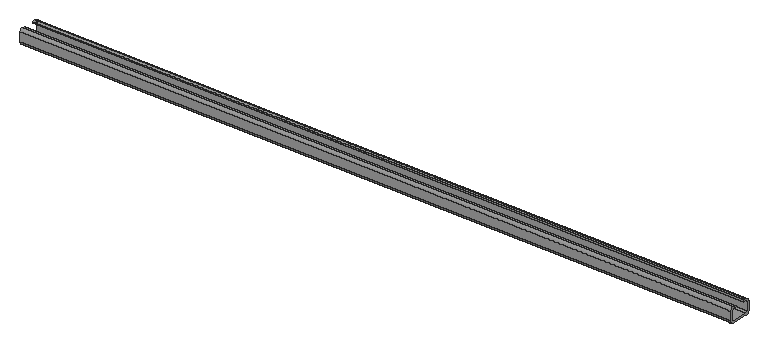
Revit family "HVAC_HangingSystems_Walraven_BIS_RapidRail_Fixing_Rail_WM15", category Mechanical Equipment, Revit 2016
Family settings
  Part Type = Normal
  Round Connector Dimension = Use Diameter
  OmniClass Number = 23.60.30.11.17
  OmniClass Title = Pipework/Ductwork Mechanical Fasteners/Supports
  Work Plane-Based = No
  Cut with Voids When Loaded = No
  Shared = No
  Room Calculation Point = No
Parameters (values of type "std")
  type_index = 1  # constant formula
  s [instance] = "1.75"  # constant formula
  region_index = 1  # constant formula
  profile_rotate [instance] = no
  profile_offset [instance] = no
  profile_flipped [instance] = no
  profile_centered [instance] = no
  profile1_H_offet [instance] = if(and(profile_flipped, profile_offset, profile_rotate), -H, if(and(profile_offset, profile_rotate), H, if(profile_offset, if(invert_profile_offset, -1 * (B / 2), B / 2), 0 mm)))  # 0 mm
  profile1_angle [instance] = if(profile_flipped, if(profile_rotate, 90.00°, 0.00°) + 180.00°, if(profile_rotate, 90.00°, 0.00°))  # 0.00°
  profile1_Z_offset [instance] = if(and(profile_rotate, profile_centered), 0 mm, if(profile_rotate, B / 2, if(and(profile_flipped, profile_centered), H / 2, if(and(profile_centered), -H / 2, if(profile_flipped, H, 0 mm)))))  # 0 mm
  product_index [instance] = size_lookup(lookup_table_name, "pi", 0, type_index, length_index)  # 8
  lookup_table_name [instance] = "BIS RapidRail Fixing Rail WM15"  # constant formula
  length_index [instance] = if(if(or([built-in parameter 1001306] = size_lookup(lookup_table_name, "L", 0 mm, type_index, 2), [built-in parameter 1001306] < size_lookup(lookup_table_name, "L", 0 mm, type_index, 2)), 2, if(or([built-in parameter 1001306] = size_lookup(lookup_table_name, "L", 0 mm, type_index, 3), [built-in parameter 1001306] < size_lookup(lookup_table_name, "L", 0 mm, type_index, 3)), 3, if(or([built-in parameter 1001306] = size_lookup(lookup_table_name, "L", 0 mm, type_index, 6), [built-in parameter 1001306] < size_lookup(lookup_table_name, "L", 0 mm, type_index, 6)), 6, 0))) = 0, 6, if(or([built-in parameter 1001306] = size_lookup(lookup_table_name, "L", 0 mm, type_index, 2), [built-in parameter 1001306] < size_lookup(lookup_table_name, "L", 0 mm, type_index, 2)), 2, if(or([built-in parameter 1001306] = size_lookup(lookup_table_name, "L", 0 mm, type_index, 3), [built-in parameter 1001306] < size_lookup(lookup_table_name, "L", 0 mm, type_index, 3)), 3, if(or([built-in parameter 1001306] = size_lookup(lookup_table_name, "L", 0 mm, type_index, 6), [built-in parameter 1001306] < size_lookup(lookup_table_name, "L", 0 mm, type_index, 6)), 6, 0))))  # 2
  invert_profile_offset [instance] = no
  desc_uk [instance] = if(product_index = 10, "BIS RapidRail Fixing Rail WM15 (30x20mm) 6m", if(product_index = 9, "BIS RapidRail Fixing Rail WM15 (30x20mm) 3m", if(product_index = 8, "BIS RapidRail Fixing Rail WM15 (30x20mm) 2m", "0")))  # "BIS RapidRail Fixing Rail WM15 (30x20mm) 2m"
  desc_nl [instance] = if(product_index = 10, "BIS RapidRail Montagerail WM15 (30x20mm) 6m", if(product_index = 9, "BIS RapidRail Montagerail WM15 (30x20mm) 3m", if(product_index = 8, "BIS RapidRail Montagerail WM15 (30x20mm) 2m", "0")))  # "BIS RapidRail Montagerail WM15 (30x20mm) 2m"
  Youtube clip = ""
  Weight Net (Kg) = "0"
  Uniformat II Description = ""
  Uniformat II Code = ""
  Uniclass 2015 Name = ""
  Uniclass 2015 Code = ""
  Uniclass 2.0 Description = ""
  Uniclass 2.0 Code = ""
  Uniclass 1.4 Description = ""
  Uniclass 1.4 Code = ""
  URL = "https://www.walraven.com/en/?pid=885"
  UNSPSC Code = ""
  Type Comments = ""
  Technical description = "https://library.walraven.com/repository/rnd/documents/EN-UK/BIS%20RapidRail%C2%AE%20Fixing%20Rail%20-%20G%2004%2005%20(EN-UK).pdf"
  S [instance] = size_lookup(lookup_table_name, "S", 0 mm, type_index, length_index, L)  # 15 mm
  Region South America = "None"
  Region Oceania = "AU"
  Region North America = "US"
  Region Middle East = "AE, OM, QA, SA"
  Region Europe = "BE, CZ, DE, DK, ES, FR, GB, HR, HU, LT, LV, NL, NO, PL, RO, RU, SE, SK, UA"
  Region Asia = "CN, IN"
  Region Antarctica = "None"
  Region Africa = "ZA"
  RSen_S_net_weight [instance] = 0.768 * RSen_C_length / 1 mm * 0.001 kg  # 0.768 kg
  RSen_C_product_description [instance] = if(region_index = 1, desc_uk, if(region_index = 2, desc_nl, "0"))  # "BIS RapidRail Fixing Rail WM15 (30x20mm) 2m"
  RSen_C_level_of_development = "LOD400"  # constant formula
  RSen_C_material_colour = "grey"  # constant formula
  RSen_C_material_finish = "pre-galvanized"  # constant formula
  RSen_C_material = steel
  RSen_C_length_minimal [instance] = if(size_lookup(lookup_table_name, "L", 0 mm, type_index, 2) = 2000 mm, 2000 mm, if(size_lookup(lookup_table_name, "L", 0 mm, type_index, 3) = 3000 mm, 3000 mm, if(size_lookup(lookup_table_name, "L", 0 mm, type_index, 6) = 6000 mm, 2000 mm, 0 mm)))  # 2000 mm
  RSen_C_length_maximal [instance] = if(size_lookup(lookup_table_name, "L", 0 mm, type_index, 6) = 6000 mm, 6000 mm, if(size_lookup(lookup_table_name, "L", 0 mm, type_index, 3) = 3000 mm, 3000 mm, if(size_lookup(lookup_table_name, "L", 0 mm, type_index, 2) = 2000 mm, 2000 mm, 0 mm)))  # 6000 mm
  RSen_C_length_01 [instance] = 1000 mm
  RSen_C_length [instance] = if([built-in parameter 1001306] > RSen_C_length_maximal, RSen_C_length_maximal, [built-in parameter 1001306])  # 1000 mm
  RSen_C_height [instance] = H  # 20 mm
  RSen_C_content_releasedate = "22-02-2018"  # constant formula
  RSen_C_content_modification_date = "04-06-2018"  # constant formula
  RSen_C_content_creator = "Itannex bv"  # constant formula
  RSen_C_code_gtin [instance] = ""
  RSen_C_code_manufacturer_product [instance] = if(product_index = 10, "6505615", if(product_index = 9, "6505315", if(product_index = 8, "6505015", "0")))  # "6505015"
  RSen_C_code_manufacturer_gln = ""
  QR code = "http://bimobject.com/walraven/product/bis-rapidrail-fixing-rail-wm15"
  Product url = "https://www.walraven.com/en/?pid=885"
  Product group = "Fixing Rail"
  Product family = "Rail Systems"
  Product data url = "https://bimobject.com/walraven/product/bis-rapidrail-fixing-rail-wm15"
  Product certification = "https://library.walraven.com/repository/rnd/documents/BIS-RapidRail-Award-Certificate-RAL-GZ-655-C-2012-03.pdf"
  Product SKU = "bis-rapidrail-fixing-rail-wm15"
  Product Guid = "a78c6f59-2421-483d-a623-713bce42838b"
  OmniClass Description = "Mechanical Pipe Supports"
  OmniClass Code = "23-27 43 13"
  Nominal width = 0 mm
  Nominal height = 0 mm
  NLRS_C_code_SfB_tabel1 = "50"  # constant formula
  RSen_C_code_ETIM_url = "https://prod.etim-international.com/Class/Details?classId=EC000386&classVersion=6"
  RSen_C_code_ETIM = "EC000386"  # constant formula
  RSen_C_intended_use = "hanging systems"  # constant formula
  RSen_C_certificates = "RAL-GZ 655 approval"  # constant formula
  RSen_C_width [instance] = B  # 30 mm
  NBS Reference Description = ""
  NBS Reference Code = ""
  Model = "BIS RapidRail Fixing Rail WM15"  # constant formula
  Material secondary = ""
  Material main = "Steel"
  Masterformat 2014 Description = ""
  Masterformat 2014 Code = ""
  Manufacturer name = "Walraven"
  Manufacturer country = "Netherlands"
  Manufacturer = "Walraven"  # constant formula
  built-in parameter 1001306 [instance] = RSen_C_length_01  # 1000 mm
  L [instance] = size_lookup(lookup_table_name, "L", 0 mm, type_index, length_index)  # 2000 mm
  Installation instructions = ""
  IfcExportType = "USERDEFINED"  # constant formula
  IfcExportAs = "IfcMechanicalFastenerType"  # constant formula
  IfcDescription = Description  # "fixing rail"
  IFC Classification = "Mechanical Fastener"
  H [instance] = size_lookup(lookup_table_name, "H", 0 mm, type_index, length_index, L)  # 20 mm
  GTIN code = ""
  Edition number = 0
  Design country = "Netherlands"
  Description = "fixing rail"  # constant formula
  Date of publishing = "7/20/2018"
  COBIe Type Category = ""
  Brand url = "https://www.walraven.com"
  BIMobject main category code = "hvac"
  BIMobject main category = "HVAC"
  BIMobject category code = "hvac-hanging-systems"
  BIMobject category = "Hanging Systems"
  B [instance] = size_lookup(lookup_table_name, "B", 0 mm, type_index, length_index, L)  # 30 mm
  Assembly Code = "50"
Reference planes
  plane 1 "Center (Front/Back)": y = 0
  plane 2: z = 0
  plane 3 "Left": x = 0
  plane 4 "Right": x = 1000
  plane 5: x = 1000
Forms (mm)
  Sweep 1, solid, material "steel" <- "RSen_C_material", detail levels medium+fine
    path origin (0, 0, 0) x (1, 0, 0) y (0, 1, 0)
      loop
        line (0, 0) -> (1000, 0)
    profile "BIS RapidRail WM profile : Var." origin (500, 0, 0) x (0, 1, 0) y (0, 0, 1)
      loop
        arc (-15, 3.75) -> (-13.902, 1.098) -> (-11.25, 0) r 3.75
        line (-11.25, 0) -> (11.25, 0)
        arc (11.25, 0) -> (13.902, 1.098) -> (15, 3.75) r 3.75
        line (15, 3.75) -> (15, 16.25)
        arc (15, 16.25) -> (13.902, 18.902) -> (11.25, 20) r 3.75
        line (11.25, 20) -> (7.5, 20) -> (7.5, 18.25) -> (11.25, 18.25)
        arc (11.25, 18.25) -> (12.664, 17.664) -> (13.25, 16.25) r 2
        line (13.25, 16.25) -> (13.25, 3.75)
        arc (13.25, 3.75) -> (12.664, 2.336) -> (11.25, 1.75) r 2
        line (11.25, 1.75) -> (-11.25, 1.75)
        arc (-11.25, 1.75) -> (-12.664, 2.336) -> (-13.25, 3.75) r 2
        line (-13.25, 3.75) -> (-13.25, 16.25)
        arc (-13.25, 16.25) -> (-12.664, 17.664) -> (-11.25, 18.25) r 2
        line (-11.25, 18.25) -> (-7.5, 18.25) -> (-7.5, 20) -> (-11.25, 20)
        arc (-11.25, 20) -> (-13.902, 18.902) -> (-15, 16.25) r 3.75
        line (-15, 16.25) -> (-15, 3.75)
Lines and regions (mm)
  reference lines
    curve 1: line (0, 0, 0) -> (1000, 0, 0)
  model lines, style "Equipment", detail levels coarse+medium
    curve 2: line (0, 0, 0) -> (1000, 0, 0)
Dimensions and locks
  "built-in parameter 1001306": plane 3 "Left" to plane 4 "Right"
  "RSen_C_length": plane 3 "Left" to plane 5
  aligned and locked: plane 4 "Right" to curve 1
  aligned and locked: plane 1 "Center (Front/Back)" to curve 1
  aligned and locked: plane 3 "Left" to curve 1
  aligned and locked: level to plane 2
  aligned and locked: plane 3 "Left" to Sweep 1 sketch curve
  aligned and locked: plane 1 "Center (Front/Back)" to Sweep 1 sketch curve
  aligned and locked: plane 5 to Sweep 1 sketch curve
  aligned and locked: plane 5 to curve 2
  aligned and locked: plane 3 "Left" to curve 2
  aligned and locked: plane 1 "Center (Front/Back)" to curve 2
